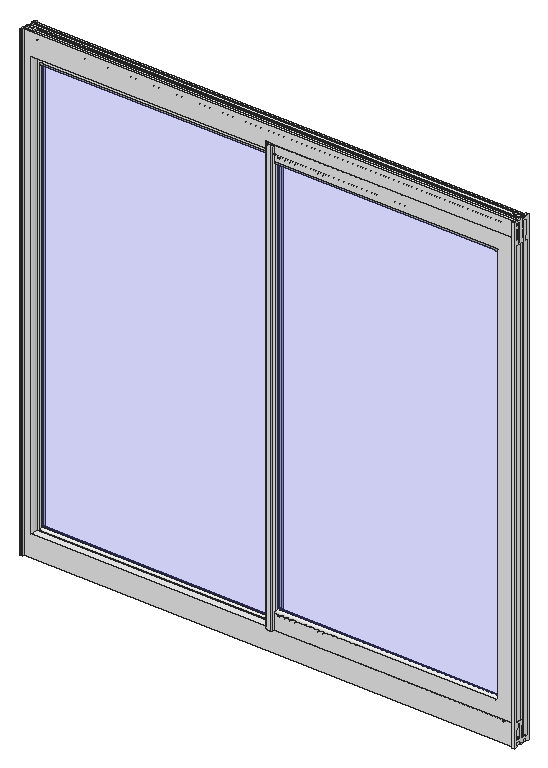
Revit family "DAL_A3-AGI-Sliding-Patio-Door-With-Side-Lights-2100mm", category Doors, host Wall, Revit 2016
Family settings
  Host = Wall
  Always vertical = Yes
  Cut with Voids When Loaded = No
  Shared = No
  Room Calculation Point = No
Parameters (values of type "Sliding Patio Door")
  URL = "http://www.agi.co.za/patioDoor1.htm"
  Panel 2 Width = (Width / 2)  # 1050 mm
  Panel 2 Hieght = Height - 89 mm  # 1911 mm
  Panel 1 Width = (Width / 2)  # 1050 mm
  Panel 1 Hieght = Height - 154 mm  # 1846 mm
  Manufacturer = "AGI"
  Function = Interior
  Frame material = none
  Frame Projection Ext. = 25 mm
  Frame Projection Int. = 25 mm
  Frame Width = 75 mm
  Height = 2000 mm
  Wall Closure = By host
  Width = 2100 mm
Reference planes
  plane 1 "Centre(Exterior/Interior)": y = 0
  plane 2 "Center (Left/Right)": x = 0
  plane 3 "Left": x = -1050
  plane 4 "Right": x = 1050
  plane 5 "Top": z = 2000
  plane 6 "Exterior": y = 75
  plane 7 "Interior": y = -75
  plane 8: z = 25
  plane 9 "Panel top": z = 1936.037
  plane 10: x = -1040
  plane 11: x = 1040
  plane 12: z = 90
Forms (mm)
  Sweep 1, solid, material <- "Frame material", detail levels medium+fine
    path origin (0, 0, 0) x (1, 0, 0) y (0, 0, 1)
      loop
        line (1050, 0) -> (-1050, 0)
    profile "AGI SLIDING PATIO Base frame profile : AGI SLIDING PATIO Base frame profile" origin (0, 0, 0) x (0, 0, -1) y (0, -1, 0)
      loop
        line (-90, 32.5) -> (-90, -2.5) -> (-73.55, -2.5) -> (-73.55, 2.5) -> (-86, 2.5) -> (-86, 4.847) -> (-23.5, 4.847) -> (-23.5, -1) -> (-12.362, -1) -> (-12.362, 1) -> (-21, 1) -> (-21, 21.5) -> (-33.87, 21.5) -> (-33.87, 19) -> (-23.5, 19) -> (-23.5, 7.347) -> (-86, 7.347) -> (-86, 19) -> (-73.55, 19) -> (-65.757, 26.793) -> (-69.293, 26.793) -> (-74.586, 21.5) -> (-86, 21.5) -> (-86, 32.5) -> (-90, 32.5)
      loop
        line (-2, 22.5) -> (0, 22.5) -> (0, 32.5) -> (-85, 32.5) -> (-85, 22.5) -> (-75, 22.5) -> (-70, 27.5) -> (-20, 27.5) -> (-20, 3.847) -> (-18.194, 3.847)
        arc (-18.194, 3.847) -> (-10, 0) -> (-18.194, -3.847) r 5
        line (-18.194, -3.847) -> (-20, -3.847) -> (-19.131, -17.639) -> (-25, -17.639) -> (-25, -19.673) -> (-19.003, -19.673) -> (-18.352, -30) -> (-2, -30) -> (-2, -32.5) -> (0, -32.5) -> (0, -25) -> (-13.657, -25) -> (-14.603, -9.992)
        arc (-14.603, -9.992) -> (-8.146, -7.281) -> (-5.05, -1) r 10
        line (-5.05, -1) -> (0, -1) -> (0, 1) -> (-5.05, 1)
        arc (-5.05, 1) -> (-8.292, 7.416) -> (-15, 10) r 10
        line (-15, 10) -> (-15, 27.5) -> (-2, 27.5) -> (-2, 22.5)
  Sweep 2, solid, material <- "Frame material", detail levels medium+fine
    path origin (0, 0, 0) x (1, 0, 0) y (0, 0, 1)
      loop
        line (1050, 2000) -> (1050, 0)
    profile "AGI SLIDING PATIO side frame profile : AGI SLIDING PATIO side frame profile" origin (1050, 0, 1000) x (1, 0, 0) y (0, -1, 0)
      loop
        line (-10, -32.5) -> (-10, -37.5) -> (0, -37.5) -> (0, -32.5) -> (-2, -32.5) -> (-2, -35.5) -> (-5, -35.5) -> (-5, -11.015) -> (-2, -11.015) -> (-2, -6.015) -> (-5, -6.015) -> (-5, -2.5) -> (-2, -2.5) -> (-2, 2.5) -> (-5, 2.5) -> (-5, 35.5) -> (-2, 35.5) -> (-2, 32.5) -> (0, 32.5) -> (0, 37.5) -> (-10, 37.5) -> (-10, 32.5) -> (-40, 32.5) -> (-40, 27.5) -> (-10, 27.5) -> (-10, 2) -> (-8, 2) -> (-8, -2) -> (-10, -2) -> (-10, -27.5) -> (-37.71, -27.5) -> (-37.71, -26.5) -> (-11, -26.5) -> (-11, -24.5) -> (-36.319, -24.5)
        arc (-36.319, -24.5) -> (-38.09, -14) -> (-36.319, -3.5) r 32.018
        line (-36.319, -3.5) -> (-30.069, -3.5) -> (-30.069, -1) -> (-9, -1) -> (-9, 1) -> (-40, 1)
        arc (-40, 1) -> (-42.935, -15.75) -> (-40, -32.5) r 49.268
        line (-40, -32.5) -> (-10, -32.5)
  Sweep 3, solid, material <- "Frame material", detail levels medium+fine
    path origin (0, 0, 0) x (1, 0, 0) y (0, 0, 1)
      loop
        line (-1050, 2000) -> (1050, 2000)
    profile "AGI SLIDING PATIO Top frame profile : AGI SLIDING PATIO Top frame profile" origin (0, 0, 2000) x (0, 0, 1) y (0, -1, 0)
      loop
        line (0, 1.5) -> (-5, 1.5) -> (-5, 27.5) -> (-2, 27.5) -> (-2, 22.5) -> (0, 22.5) -> (0, 32.5) -> (-90, 32.5) -> (-90, 22.5) -> (-75, 22.5) -> (-75, 27.5) -> (-10, 27.5) -> (-10, 1.5) -> (-27.652, 1.5)
        arc (-27.652, 1.5) -> (-28.663, 4.011) -> (-30.5, 6) r 7.5
        line (-30.5, 6) -> (-27.08, 6) -> (-27.08, 2.18) -> (-11, 8) -> (-88, 8) -> (-88, 19.5) -> (-11, 19.5) -> (-27.08, 26.5) -> (-27.08, 21.5) -> (-90, 21.5) -> (-90, 6) -> (-39.5, 6)
        arc (-39.5, 6) -> (-41.337, 4.011) -> (-42.348, 1.5) r 7.5
        line (-42.348, 1.5) -> (-75, 1.5) -> (-75, 5) -> (-90, 5) -> (-90, -5) -> (-75, -5) -> (-75, -1.5) -> (-42.348, -1.5)
        arc (-42.348, -1.5) -> (-41.321, -4.036) -> (-39.453, -6.035) r 7.5
        line (-39.453, -6.035) -> (-36.781, -2.414)
        arc (-36.781, -2.414) -> (-35, 3) -> (-33.219, -2.414) r 3
        line (-33.219, -2.414) -> (-30.547, -6.035)
        arc (-30.547, -6.035) -> (-28.679, -4.036) -> (-27.652, -1.5) r 7.5
        line (-27.652, -1.5) -> (-10, -1.5) -> (-10, -27.5) -> (-75, -27.5) -> (-75, -22.5) -> (-90, -22.5) -> (-90, -32.5) -> (0, -32.5) -> (0, -22.5) -> (-2, -22.5) -> (-2, -27.5) -> (-5, -27.5) -> (-5, -1.5) -> (0, -1.5) -> (0, 1.5)
  Sweep 4, solid, material <- "Frame material", detail levels medium+fine
    path origin (0, 0, 0) x (1, 0, 0) y (0, 0, 1)
      loop
        line (-1050, 2000) -> (-1050, 0)
    profile "AGI SLIDING PATIO side frame profile : AGI SLIDING PATIO side frame profile" origin (-1050, 0, 1000) x (1, 0, 0) y (0, -1, 0)
      loop
        line (10, 32.5) -> (10, 37.5) -> (0, 37.5) -> (0, 32.5) -> (2, 32.5) -> (2, 35.5) -> (5, 35.5) -> (5, 11.015) -> (2, 11.015) -> (2, 6.015) -> (5, 6.015) -> (5, 2.5) -> (2, 2.5) -> (2, -2.5) -> (5, -2.5) -> (5, -35.5) -> (2, -35.5) -> (2, -32.5) -> (0, -32.5) -> (0, -37.5) -> (10, -37.5) -> (10, -32.5) -> (40, -32.5) -> (40, -27.5) -> (10, -27.5) -> (10, -2) -> (8, -2) -> (8, 2) -> (10, 2) -> (10, 27.5) -> (37.71, 27.5) -> (37.71, 26.5) -> (11, 26.5) -> (11, 24.5) -> (36.319, 24.5)
        arc (36.319, 24.5) -> (38.09, 14) -> (36.319, 3.5) r 32.018
        line (36.319, 3.5) -> (30.069, 3.5) -> (30.069, 1) -> (9, 1) -> (9, -1) -> (40, -1)
        arc (40, -1) -> (42.935, 15.75) -> (40, 32.5) r 49.268
        line (40, 32.5) -> (10, 32.5)
Cuts and joins
  joined: Sweep 1, Sweep 2, Sweep 3, Sweep 4
Lines and regions (mm)
  Opening 1
    outline origin (-3050, -75, 0) x (1, 0, 0) y (0, 0, 1)
      loop
        line (2000, 0) -> (4100, 0) -> (4100, 2000) -> (2000, 2000) -> (2000, 0)
  symbolic lines, style "Elevation Swing"
    curve 1: line (456.116, 12.619, 0) -> (351.116, 12.619, 0)
    curve 2: line (351.116, 12.619, 0) -> (365.258, -1.523, 0)
    curve 3: line (351.116, 12.619, 0) -> (365.258, 26.761, 0)
    curve 4: line (380.533, 0, 951.333) -> (260.533, 0, 951.333)
    curve 5: line (260.533, 0, 951.333) -> (288.817, 0, 979.617)
    curve 6: line (260.533, 0, 951.333) -> (288.817, 0, 923.049)
  symbolic lines, style "Overhead line", detail levels coarse
    curve 7: line (-1050, 75, 0) -> (1050, 75, 0)
    curve 8: line (1050, -75, 0) -> (-1050, -75, 0)
  symbolic lines, style "DoorsPanelProjection", detail levels coarse
    curve 9: line (-1050, 17, 0) -> (0, 17, 0)
    curve 10: line (0, -17, 0) -> (1050, -17, 0)
Text (mm)
  text "Exterior" at (-2295.016, 1099.543, 0), in view "Ref. Level"
  text "Exterior" at (0, 1615.38, 3698.081), in view "Left"
  text "Exterior" at (0, 1036.032, 3874.932), in view "Right"
Dimensions and locks
  equal spacing: plane 3 "Left", plane 2 "Center (Left/Right)", plane 4 "Right"
  "Width": plane 3 "Left" to plane 4 "Right"
  "Height": plane 5 "Top" to host wall
  host wall to plane 5 "Top" = 2000 mm  (x2)
  locked: plane 6 "Exterior" to host wall at 0
  locked: plane 7 "Interior" to host wall
  locked: level to plane 8 at 25
  locked: plane 3 "Left" to plane 10 at 10
  locked: plane 11 to plane 4 "Right" at 10
  locked: level to plane 12 at 90
  aligned and locked: plane 3 "Left" to Opening 1 sketch curve
  aligned and locked: plane 5 "Top" to Opening 1 sketch curve  (x2)
  aligned and locked: Opening 1 sketch curve to plane 4 "Right"
  aligned and locked: Opening 1 sketch curve to level
  aligned and locked: plane 1 "Centre(Exterior/Interior)" to host wall
  aligned and locked: level to Sweep 1 sketch curve
  aligned and locked: plane 4 "Right" to Sweep 1 sketch curve
  aligned and locked: plane 3 "Left" to Sweep 1 sketch curve
  aligned and locked: plane 4 "Right" to Sweep 2 sketch curve
  aligned and locked: plane 5 "Top" to Sweep 2 sketch curve
  aligned and locked: level to Sweep 2 sketch curve
  aligned and locked: plane 5 "Top" to Sweep 3 sketch curve
  aligned and locked: plane 4 "Right" to Sweep 3 sketch curve
  aligned and locked: plane 3 "Left" to Sweep 3 sketch curve
  aligned and locked: plane 3 "Left" to Sweep 4 sketch curve
  aligned and locked: plane 5 "Top" to Sweep 4 sketch curve
  aligned and locked: level to Sweep 4 sketch curve
  aligned and locked: nested 1 to plane 8
  aligned and locked: plane 12 to nested 2
  aligned and locked: nested 1 to cut or joined group of Sweep 1, Sweep 2, Sweep 3, Sweep 4
  aligned and locked: cut or joined group of Sweep 1, Sweep 2, Sweep 3, Sweep 4 to nested 2
  aligned and locked: nested 1 to plane 10
  aligned and locked: plane 11 to nested 2
  aligned and locked: plane 3 "Left" to curve 7
  aligned and locked: plane 4 "Right" to curve 7
  aligned and locked: plane 4 "Right" to curve 8
  aligned and locked: curve 8 to plane 7 "Interior"
  aligned and locked: plane 6 "Exterior" to curve 7
  aligned and locked: plane 2 "Center (Left/Right)" to curve 9
  aligned and locked: plane 2 "Center (Left/Right)" to curve 10
  aligned and locked: plane 3 "Left" to curve 9
  aligned and locked: plane 4 "Right" to curve 10
  aligned and locked: curve 9 to nested 1
  aligned and locked: nested 2 to curve 10
Automatic sketch dimensions
  plane 2 "Center (Left/Right)" to curve 4 = 260.533 mm
  curve 4 to curve 5 = 28.284 mm
  curve 4 to curve 6 = 28.284 mm
  curve 6 to curve 4 = 91.716 mm
  curve 6 to plane 12 = 833.049 mm
  curve 6 to curve 5 = 28.284 mm
  curve 8 to plane 3 "Left" = 0 mm
  curve 2 to host wall = 12.619 mm
  curve 10 to curve 2 = 351.116 mm
  host wall to curve 2 = 1.523 mm
  curve 1 to curve 2 = 14.142 mm
  curve 3 to host wall = 26.761 mm
  curve 2 to curve 1 = 90.858 mm
Nested families
  nested 1: "AGI sliding patio side i" at (-372.2, 17, 25), type "AGI sliding patio side i", detail levels medium+fine
    with Width 1050 mm
  nested 2: "AGI sliding patio side II" at (657.8, -19.5, 90), type "AGI sliding patio side II", detail levels medium+fine
    with Width 1050 mm
Definition of nested family "AGI sliding patio side i"
  Parameters
    Width = 750 mm
    Height = 1911 mm
    Glass = none
    Frame = none
    Assembly Code = ""
  Reference planes
    plane 1 "Center (Front/Back)": y = 0
    plane 2: z = 0
    plane 3 "Center (Left/Right)": x = -142.8
    plane 4 "Right": x = 232.2
    plane 5 "Left": x = -517.8
    plane 6: z = 1911
    plane 7: z = 1846
    plane 8: z = 65
    plane 9 "PANEL": y = 2.5
    plane 10: x = -488.8
    plane 11: x = 203.2
  Forms (mm)
    Sweep 1, solid
      path origin (0, 0, 0) x (1, 0, 0) y (0, 1, 0)
        loop
          line (232.2, 0) -> (-517.8, 0)
      profile "AGI panel top & bottom profile : AGI panel top & bottom profile" origin (-142.8, 0, 0) x (0, -1, 0) y (0, 0, 1)
        loop
          line (13, 0) -> (13, 65)
          arc (13, 65) -> (9.925, 72.425) -> (2.5, 75.5) r 10.5
          line (2.5, 75.5) -> (2.5, 65) -> (5, 65) -> (5, 69.899)
          arc (5, 69.899) -> (7.19, 67.872) -> (8, 65) r 5.5
          line (8, 65) -> (8, 54.802) -> (3.867, 54.802)
          arc (3.867, 54.802) -> (0, 56.632) -> (-3.867, 54.802) r 5
          line (-3.867, 54.802) -> (-8, 54.802) -> (-8, 65)
          arc (-8, 65) -> (-7.19, 67.872) -> (-5, 69.899) r 5.5
          line (-5, 69.899) -> (-5, 65) -> (-2.5, 65) -> (-2.5, 75.5)
          arc (-2.5, 75.5) -> (-9.925, 72.425) -> (-13, 65) r 10.5
          line (-13, 65) -> (-13, 0) -> (-5, 0) -> (-5, 5) -> (-8, 5) -> (-8, 49.802) -> (-4.653, 49.802)
          arc (-4.653, 49.802) -> (-3.789, 48.369) -> (-2.5, 47.302) r 5
          line (-2.5, 47.302) -> (-0.948, 49.319)
          arc (-0.948, 49.319) -> (-0.168, 54.126) -> (1.25, 49.467) r 2.5
          line (1.25, 49.467) -> (2.5, 47.302)
          arc (2.5, 47.302) -> (3.789, 48.369) -> (4.653, 49.802) r 5
          line (4.653, 49.802) -> (8, 49.802) -> (8, 5) -> (5, 5) -> (5, 0) -> (13, 0)
    Sweep 2, solid
      path origin (0, 0, 0) x (1, 0, 0) y (0, 0, 1)
        loop
          line (-517.8, 1911) -> (232.2, 1911)
      profile "AGI panel top & bottom profile : AGI panel top & bottom profile" origin (-142.8, 0, 1911) x (0, 0, 1) y (0, -1, 0)
        loop
          line (0, 13) -> (-65, 13)
          arc (-65, 13) -> (-72.425, 9.925) -> (-75.5, 2.5) r 10.5
          line (-75.5, 2.5) -> (-65, 2.5) -> (-65, 5) -> (-69.899, 5)
          arc (-69.899, 5) -> (-67.872, 7.19) -> (-65, 8) r 5.5
          line (-65, 8) -> (-54.802, 8) -> (-54.802, 3.867)
          arc (-54.802, 3.867) -> (-56.632, 0) -> (-54.802, -3.867) r 5
          line (-54.802, -3.867) -> (-54.802, -8) -> (-65, -8)
          arc (-65, -8) -> (-67.872, -7.19) -> (-69.899, -5) r 5.5
          line (-69.899, -5) -> (-65, -5) -> (-65, -2.5) -> (-75.5, -2.5)
          arc (-75.5, -2.5) -> (-72.425, -9.925) -> (-65, -13) r 10.5
          line (-65, -13) -> (0, -13) -> (0, -5) -> (-5, -5) -> (-5, -8) -> (-49.802, -8) -> (-49.802, -4.653)
          arc (-49.802, -4.653) -> (-48.369, -3.789) -> (-47.302, -2.5) r 5
          line (-47.302, -2.5) -> (-49.319, -0.948)
          arc (-49.319, -0.948) -> (-54.126, -0.168) -> (-49.467, 1.25) r 2.5
          line (-49.467, 1.25) -> (-47.302, 2.5)
          arc (-47.302, 2.5) -> (-48.369, 3.789) -> (-49.802, 4.653) r 5
          line (-49.802, 4.653) -> (-49.802, 8) -> (-5, 8) -> (-5, 5) -> (0, 5) -> (0, 13)
    Sweep 3, solid
      path origin (0, 0, 0) x (1, 0, 0) y (0, 0, 1)
        loop
          line (-517.8, 1911) -> (-517.8, 0)
      profile "AGI panel side profile i : AGI panel side profile i" origin (-517.8, 0, 955.5) x (1, 0, 0) y (0, -1, 0)
        loop
          line (0, 13) -> (0, 8) -> (12, 8) -> (12, -8) -> (0, -8) -> (0, -13) -> (40, -13) -> (40, -8) -> (39, -8) -> (39, -2.5) -> (29, -2.5) -> (29, -5) -> (34, -5) -> (34, -8) -> (17, -8) -> (17, 8) -> (34, 8) -> (34, 5) -> (29, 5) -> (29, 2.5) -> (39, 2.5) -> (39, 8) -> (40, 8) -> (40, 13) -> (0, 13)
    Sweep 4, solid
      path origin (0, 0, 0) x (1, 0, 0) y (0, 0, 1)
        loop
          line (232.2, 1911) -> (232.2, 0)
      profile "AGI panel side profile st : AGI panel side profile st" origin (232.2, 0, 955.5) x (1, 0, 0) y (0, -1, 0)
        loop
          line (0.808, 8) -> (-13.241, 8) -> (-12, 6.759) -> (-12, -8) -> (-1.155, -8)
          arc (-1.155, -8) -> (1.377, -0.19) -> (0.808, 8) r 21.581
        loop
          arc (1.595, -13) -> (6.537, 2.438) -> (1.595, 17.875) r 26.581
          line (1.595, 17.875) -> (-12, 17.875) -> (0, 15) -> (0, 13) -> (-40, 13) -> (-40, 8) -> (-39, 8) -> (-39, 2.5) -> (-29, 2.5) -> (-29, 5) -> (-34, 5) -> (-34, 8) -> (-20, 8) -> (-17, 5) -> (-17, -8) -> (-34, -8) -> (-34, -5) -> (-29, -5) -> (-29, -2.5) -> (-39, -2.5) -> (-39, -8) -> (-40, -8) -> (-40, -13) -> (1.595, -13)
    Extrusion 5, solid, material <- "Glass"
      sketch origin (0, 2.5, 0) x (1, 0, 0) y (0, 0, 1)
        loop
          line (-488.8, 65) -> (203.2, 65) -> (203.2, 1846) -> (-488.8, 1846) -> (-488.8, 65)
      from 0 to 5
  Cuts and joins
    joined: Sweep 1, Sweep 2, Sweep 3, Sweep 4
  Dimensions and locks
    equal spacing: plane 5 "Left", plane 3 "Center (Left/Right)", plane 4 "Right"
    "Width": plane 5 "Left" to plane 4 "Right"
    "Height": plane 6 to plane 2
    locked: level to plane 8 at 65
    locked: plane 7 to plane 6 at 65
    locked: plane 5 "Left" to plane 10 at 29
    locked: plane 11 to plane 4 "Right" at 29
    aligned and locked: level to plane 2
    aligned and locked: Sweep 1 sketch curve to plane 1 "Center (Front/Back)"
    aligned and locked: plane 5 "Left" to Sweep 1 sketch curve
    aligned and locked: plane 4 "Right" to Sweep 1 sketch curve
    aligned and locked: Sweep 2 sketch curve to plane 6
    aligned and locked: plane 5 "Left" to Sweep 2 sketch curve
    aligned and locked: plane 4 "Right" to Sweep 2 sketch curve
    aligned and locked: Sweep 3 sketch curve to plane 5 "Left"
    aligned and locked: plane 6 to Sweep 3 sketch curve
    aligned and locked: plane 2 to Sweep 3 sketch curve
    aligned and locked: Sweep 4 sketch curve to plane 4 "Right"
    aligned and locked: plane 6 to Sweep 4 sketch curve
    aligned and locked: plane 2 to Sweep 4 sketch curve
    aligned and locked: Extrusion 5 sketch curve to plane 10
    aligned and locked: Extrusion 5 sketch curve to plane 7
    aligned and locked: Extrusion 5 sketch curve to plane 8
    aligned and locked: Extrusion 5 sketch curve to plane 11
Definition of nested family "AGI sliding patio side II"
  Parameters
    Width = 750 mm
    Height = 1846 mm
    Glass = none
    Frame = none
    Assembly Code = ""
  Reference planes
    plane 1 "Center (Front/Back)": y = 0
    plane 2: z = 0
    plane 3 "Center (Left/Right)": x = -142.8
    plane 4 "Right": x = 232.2
    plane 5 "Left": x = -517.8
    plane 6: z = 1846
    plane 7: z = 1781
    plane 8: z = 65
    plane 9 "PANEL": y = 2.5
    plane 10: x = -488.8
    plane 11: x = 178.2
  Forms (mm)
    Sweep 1, solid
      path origin (0, 0, 0) x (1, 0, 0) y (0, 1, 0)
        loop
          line (232.2, 0) -> (-517.8, 0)
      profile "AGI panel top & bottom profile : AGI panel top & bottom profile" origin (-142.8, 0, 0) x (0, -1, 0) y (0, 0, 1)
        loop
          line (13, 0) -> (13, 65)
          arc (13, 65) -> (9.925, 72.425) -> (2.5, 75.5) r 10.5
          line (2.5, 75.5) -> (2.5, 65) -> (5, 65) -> (5, 69.899)
          arc (5, 69.899) -> (7.19, 67.872) -> (8, 65) r 5.5
          line (8, 65) -> (8, 54.802) -> (3.867, 54.802)
          arc (3.867, 54.802) -> (0, 56.632) -> (-3.867, 54.802) r 5
          line (-3.867, 54.802) -> (-8, 54.802) -> (-8, 65)
          arc (-8, 65) -> (-7.19, 67.872) -> (-5, 69.899) r 5.5
          line (-5, 69.899) -> (-5, 65) -> (-2.5, 65) -> (-2.5, 75.5)
          arc (-2.5, 75.5) -> (-9.925, 72.425) -> (-13, 65) r 10.5
          line (-13, 65) -> (-13, 0) -> (-5, 0) -> (-5, 5) -> (-8, 5) -> (-8, 49.802) -> (-4.653, 49.802)
          arc (-4.653, 49.802) -> (-3.789, 48.369) -> (-2.5, 47.302) r 5
          line (-2.5, 47.302) -> (-0.948, 49.319)
          arc (-0.948, 49.319) -> (-0.168, 54.126) -> (1.25, 49.467) r 2.5
          line (1.25, 49.467) -> (2.5, 47.302)
          arc (2.5, 47.302) -> (3.789, 48.369) -> (4.653, 49.802) r 5
          line (4.653, 49.802) -> (8, 49.802) -> (8, 5) -> (5, 5) -> (5, 0) -> (13, 0)
    Sweep 2, solid
      path origin (0, 0, 0) x (1, 0, 0) y (0, 0, 1)
        loop
          line (-517.8, 1846) -> (232.2, 1846)
      profile "AGI panel top & bottom profile : AGI panel top & bottom profile" origin (-142.8, 0, 1846) x (0, 0, 1) y (0, -1, 0)
        loop
          line (0, 13) -> (-65, 13)
          arc (-65, 13) -> (-72.425, 9.925) -> (-75.5, 2.5) r 10.5
          line (-75.5, 2.5) -> (-65, 2.5) -> (-65, 5) -> (-69.899, 5)
          arc (-69.899, 5) -> (-67.872, 7.19) -> (-65, 8) r 5.5
          line (-65, 8) -> (-54.802, 8) -> (-54.802, 3.867)
          arc (-54.802, 3.867) -> (-56.632, 0) -> (-54.802, -3.867) r 5
          line (-54.802, -3.867) -> (-54.802, -8) -> (-65, -8)
          arc (-65, -8) -> (-67.872, -7.19) -> (-69.899, -5) r 5.5
          line (-69.899, -5) -> (-65, -5) -> (-65, -2.5) -> (-75.5, -2.5)
          arc (-75.5, -2.5) -> (-72.425, -9.925) -> (-65, -13) r 10.5
          line (-65, -13) -> (0, -13) -> (0, -5) -> (-5, -5) -> (-5, -8) -> (-49.802, -8) -> (-49.802, -4.653)
          arc (-49.802, -4.653) -> (-48.369, -3.789) -> (-47.302, -2.5) r 5
          line (-47.302, -2.5) -> (-49.319, -0.948)
          arc (-49.319, -0.948) -> (-54.126, -0.168) -> (-49.467, 1.25) r 2.5
          line (-49.467, 1.25) -> (-47.302, 2.5)
          arc (-47.302, 2.5) -> (-48.369, 3.789) -> (-49.802, 4.653) r 5
          line (-49.802, 4.653) -> (-49.802, 8) -> (-5, 8) -> (-5, 5) -> (0, 5) -> (0, 13)
    Extrusion 3, solid, material <- "Glass"
      sketch origin (0, 2.5, 0) x (1, 0, 0) y (0, 0, 1)
        loop
          line (-488.8, 65) -> (178.2, 65) -> (178.2, 1781) -> (-488.8, 1781) -> (-488.8, 65)
      from 0 to 5
    Sweep 4, solid
      path origin (0, 2.5, 0) x (1, 0, 0) y (0, 0, 1)
        loop
          line (-517.8, 1846) -> (-517.8, 0)
      profile "AGI panel side profile outside : AGI panel side profile outside" origin (-517.8, 2.5, 923) x (1, 0, 0) y (0, -1, 0)
        loop
          line (-0.808, -8) -> (13.241, -8) -> (12, -6.759) -> (12, 8) -> (1.155, 8)
          arc (1.155, 8) -> (-1.377, 0.19) -> (-0.808, -8) r 21.581
        loop
          line (0, -13) -> (40, -13) -> (40, -8) -> (39, -8) -> (39, -2.5) -> (29, -2.5) -> (29, -5) -> (34, -5) -> (34, -8) -> (20, -8) -> (17, -5) -> (17, 8) -> (34, 8) -> (34, 5) -> (29, 5) -> (29, 2.5) -> (39, 2.5) -> (39, 8) -> (40, 8) -> (40, 13)
          arc (40, 13) -> (34.524, 17.653) -> (35.292, 24.797) r 7.681
          arc (35.292, 24.797) -> (35.561, 27.542) -> (33.41, 29.269) r 2.898
          arc (33.41, 29.269) -> (13.321, 26.701) -> (-1.595, 13) r 33.416
          arc (-1.595, 13) -> (-6.537, -2.438) -> (-1.595, -17.875) r 26.581
          line (-1.595, -17.875) -> (12, -17.875) -> (0, -15) -> (0, -13)
        loop
          line (-0.437, 13) -> (37.286, 13)
          arc (37.286, 13) -> (33.195, 18.566) -> (34.463, 25.357) r 8.681
          arc (34.463, 25.357) -> (34.657, 27.114) -> (33.319, 28.269) r 1.899
          arc (33.319, 28.269) -> (14.045, 25.932) -> (-0.437, 13) r 32.416
    Sweep 5, solid
      path origin (0, 2.5, 0) x (1, 0, 0) y (0, 0, 1)
        loop
          line (232.2, 1846) -> (232.2, 0)
      profile "AGI panel side profile lng : AGI panel side profile lng" origin (232.2, 2.5, 923) x (1, 0, 0) y (0, -1, 0)
        loop
          line (-16.155, 10.5) -> (-37, 10.5) -> (-37, -5.5) -> (-16.155, -5.5) -> (-16.155, 10.5)
        loop
          line (0, -10.5) -> (0, -2.5) -> (-5, -2.5) -> (-5, -5.5) -> (-11.155, -5.5) -> (-11.155, 10.5) -> (-5, 10.5) -> (-5, 7.5) -> (0, 7.5) -> (0, 15.5) -> (-65, 15.5) -> (-65, 10.5) -> (-64, 10.5) -> (-64, 5) -> (-54, 5) -> (-54, 7.5) -> (-59, 7.5) -> (-59, 10.5) -> (-42, 10.5) -> (-42, -5.5) -> (-59, -5.5) -> (-59, -2.5) -> (-54, -2.5) -> (-54, 0) -> (-64, 0) -> (-64, -5.5) -> (-65, -5.5) -> (-65, -10.5) -> (0, -10.5)
  Cuts and joins
    joined: Sweep 1, Sweep 2, Sweep 4, Sweep 5
  Dimensions and locks
    equal spacing: plane 5 "Left", plane 3 "Center (Left/Right)", plane 4 "Right"
    "Width": plane 5 "Left" to plane 4 "Right"
    "Height": plane 6 to plane 2
    locked: level to plane 8 at 65
    locked: plane 7 to plane 6 at 65
    locked: plane 5 "Left" to plane 10 at 29
    locked: plane 11 to plane 4 "Right" at 54
    aligned and locked: level to plane 2
    aligned and locked: Sweep 1 sketch curve to plane 1 "Center (Front/Back)"
    aligned and locked: plane 5 "Left" to Sweep 1 sketch curve
    aligned and locked: plane 4 "Right" to Sweep 1 sketch curve
    aligned and locked: Sweep 2 sketch curve to plane 6
    aligned and locked: plane 5 "Left" to Sweep 2 sketch curve
    aligned and locked: plane 4 "Right" to Sweep 2 sketch curve
    aligned and locked: Extrusion 3 sketch curve to plane 10
    aligned and locked: Extrusion 3 sketch curve to plane 7
    aligned and locked: Extrusion 3 sketch curve to plane 8
    aligned and locked: Extrusion 3 sketch curve to plane 11
    aligned and locked: Sweep 4 sketch curve to plane 5 "Left"
    aligned and locked: plane 6 to Sweep 4 sketch curve
    aligned and locked: plane 2 to Sweep 4 sketch curve
    aligned and locked: Sweep 5 sketch curve to plane 4 "Right"
    aligned and locked: plane 6 to Sweep 5 sketch curve
    aligned and locked: plane 2 to Sweep 5 sketch curve
  Automatic sketch dimensions
    Sweep 4 sketch curve to level = 0 mm
